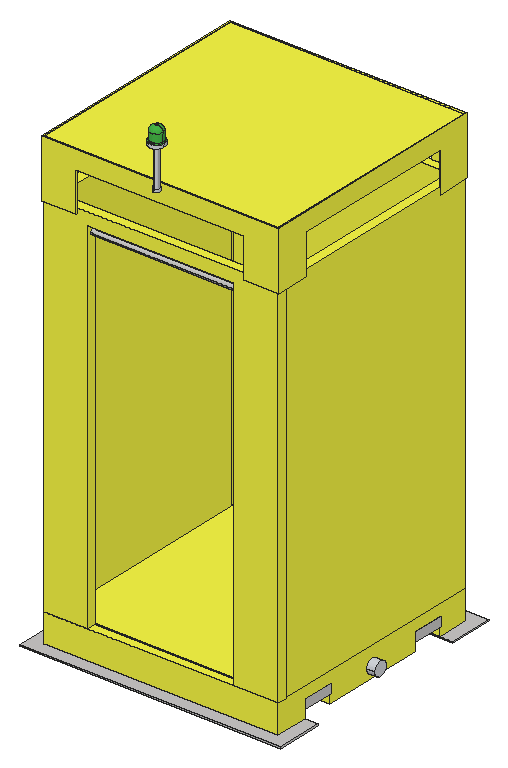
Revit family "Enclosed_Safety_Shower-Bradley_Corp-S19372", category Plumbing Fixtures, Revit 2018
Family settings
  Round Connector Dimension = Use Radius
  Part Type = Normal
  Work Plane-Based = No
  Always vertical = Yes
  Cut with Voids When Loaded = No
  Shared = No
  Room Calculation Point = No
Parameters (values of type "S19372")
  Width = 57.25"
  Wattage = 0 W
  Waste Water Connection Radius = Waste Water Connection Diameter / 2  # 1 1/2"
  Waste Water Connection Diameter = 3"
  Warranty Information = "n/a"
  Voltage = 120 V
  Version = "1.0"
  URL = "http://www.bradleycorp.com/"
  Type Comments = "S19372"
  Technical Data = "n/a"
  T.O. Wall Panel = 80.94141"
  Power Factor = 0
  Percentage of Recycled Content = 0
  OmniClass Title = "Emergency Showers"
  OmniClass Code = "23-29 37 15"
  Number of Poles = 1
  Modeling Code = "n/a"
  Model = "S19372"
  Material Note = "n/a"
  Material = ""
  MasterFormat Title = "Emergency Showers"
  MasterFormat Number = "22 45 13"
  Manufacturer = "Bradley Corporation"
  Low Emitting Material = yes
  Low Emitting Finish = yes
  Length = 57.25"
  LEED Credit = ""
  Installation Type = "Floor Mounted"
  Industry Standards = "n/a"
  Height = 109.00"
  Frequency = 0 Hz
  Floor to T.O. Roof Panel = 99.75"
  Fire Rating = "n/a"
  Drain Location - Right = yes
  Drain Location - Left = no
  Drain Location - Center = no
  Description = "Enclosed Indoor Shower with Electric Tankless Water Heater"
  Depth = 0.00"
  Copyright = "This Model Data is Property of Bradley Corporation"
  Complies to NAFTA = "n/a"
  Cold Water Connection Radius = Cold Water Connection Diameter / 2  # 5/8"
  Cold Water Connection Diameter = 1 1/4"
  Buy American Act = "To Be Determined"
  B.O. Roof Panel = 82.25"
  Assembly Code = "D2010700"
  Apparent Load = 0 VA
  ADA Compliant = "No"
Reference planes (in)
  plane 1 "Center (Front/Back)": y = -32.75
  plane 2 "Floor Level": z = 0
  plane 3 "Center (Left/Right)": x = 8.125
  plane 4 "Back": y = -7.25
  plane 5 "Front Face of Cabinet": y = -58.25
  plane 6 "Front Floor Plate": y = -61.25
  plane 7 "Back Floor Plate": y = -4.25
  plane 8 "Left Floor Plate": x = -20.375
  plane 9 "Right Floor Plate": x = 36.625
  plane 10 "Left Face Of Cabinet": x = -17.5
  plane 11 "Right Face Of Cabinet": x = 33.75
  plane 12 "Right Header": x = 34.05
  plane 13 "Left Header": x = -17.8
  plane 14 "Floor Deck": z = 6.5
  plane 15 "Left Palette": y = -48.75
  plane 16 "B.O. Bottom Hinge": z = 13
  plane 17: z = 75.25
  plane 18 "Left Door Jamb": x = -7.875
  plane 19 "Right Door Jamb": x = 24.125
  plane 20: y = -23.5
  plane 21: x = 11.375
  plane 22: z = 42.5
  plane 23: z = 56
  plane 24: x = -13
  plane 25: y = -57
  plane 26: x = 0.52044
  plane 27 "B.O. Elec Panel": z = 52.04576
  plane 28: y = -32.75
  plane 29 "C.O. Shower Rod-Wall": y = -57.25
  plane 30: y = -35
  plane 31: z = 2.75
  plane 32: y = -21.26172
  plane 33 "Roof Front": y = -58.55
  plane 34 "Roof-Back": y = -6.95
  plane 35 "T.O. Roof": z = 99.75
  plane 36 "T.O. Wall Panel": z = 88.25
  plane 37 "B.O. Roof Panel": z = 90.88
  plane 38 "C.O. Shower Rod": z = 83.94141
  plane 39 "Center L/S": y = -7.25
  plane 40 "Center L/T": y = -51
  plane 41 "Center L/U": y = -14.125
  plane 42 "Center L/V": y = -44.125
  plane 43 "Center L/W": y = -21
  plane 44 "T.O. Vent": z = 95.75
  plane 45: z = 111.375
  plane 46 "Center L/X": z = 87
  plane 47: y = -59.45
  plane 48: z = 76
Forms (in)
  Extrusion 1, solid, material "Plastic - Bradley Corp - Safety Yellow"
    sketch origin (0, 0, 0) x (1, 0, 0) y (0, 1, 0)
      loop
        line (-17.5, -58.25) -> (33.75, -58.25) -> (33.75, -7.25) -> (-17.5, -7.25) -> (-17.5, -58.25)
    from 0.25 to 6.5
  Extrusion 2, solid, material "Plastic - Bradley Corp - Safety Yellow"
    sketch origin (0, 0, 6.5) x (-1, 0, 0) y (0, -1, 0)
      loop
        line (17.5, 7.25) -> (17.5, 56.25) -> (15.5, 56.25) -> (15.5, 9) -> (-31.75, 9) -> (-31.75, 56.25) -> (-33.75, 56.25) -> (-33.75, 7.25) -> (17.5, 7.25)
    from 0 to 81.75
  Extrusion 3, void
    sketch origin (33.75, 32.25, 0) x (0, 1, 0) y (0, 0, 1)
      loop
        line (-53.25, 0.25) -> (-46.375, 0.25) -> (-46.375, 2.25) -> (-53.25, 2.25) -> (-53.25, 0.25)
    from -51.25 to 0
  Extrusion 4, solid, material "Metal - Bradley Corp - Stainless Steel-Satin", detail levels fine
    sketch origin (33.75, 30.25, 0) x (0, 1, 0) y (0, 0, 1)
      loop
        line (-51.25, 2.25) -> (-44.375, 2.25) -> (-44.375, 4.25) -> (-51.25, 4.25) -> (-51.25, 2.25)
    from 0 to 0.25
  Extrusion 5, solid, not visible
    sketch origin (-4.06128, -4.66367, 52.04576) x (1, 0, 0) y (0, 1, 0)
      loop
        circle (0.52044, 0.41367) r 0.5
    from 0 to -0.5
  Extrusion 6, solid, material "Plastic - Bradley Corp - Safety Yellow", detail levels medium+fine
    sketch origin (-7.625, 73.75, 6) x (-1, 0, 0) y (0, -1, 0)
      loop
        line (9.875, 81) -> (9.875, 83) -> (7.875, 83) -> (7.875, 81) -> (9.875, 81)
    from 0.5 to 82.25 <- "B.O. Roof Panel"
  Extrusion 7, solid, material "Metal - Bradley Corp - Stainless Steel-Satin"
    sketch origin (16.25, 25.25, 0) x (-1, 0, 0) y (0, -1, 0)
      loop
        line (-20.375, 86.5) -> (-20.375, 76.25) -> (36.625, 76.25) -> (36.625, 86.5) -> (-20.375, 86.5)
    from 0 to 0.25
  Extrusion 8, solid, visible <- "Drain Location - Right"
    sketch origin (33.75, 24.25, 0) x (0, 1, 0) y (0, 0, 1)
      loop
        circle (-57, 2.75) r 1.5
    from 0 to 2
  Extrusion 9, solid, visible <- "Drain Location - Left"
    sketch origin (-17.5, 24.25, 0) x (0, 1, 0) y (0, 0, -1)
      loop
        circle (-57, -2.75) r 1.5
    from 0 to 2
  Extrusion 10, solid, visible <- "Drain Location - Center"
    sketch origin (0, 24.25, 0) x (1, 0, 0) y (0, 1, 0)
      loop
        circle (8.125, -57) r 1.5
    from 0 to 3
  Extrusion 11, solid, material "Metal - Bradley Corp - Stainless Steel-Satin"
    sketch origin (16.25, -90.01172, 0) x (-1, 0, 0) y (0, -1, 0)
      loop
        line (-20.375, -85.76172) -> (36.625, -85.76172) -> (36.625, -75.88672) -> (-20.375, -75.88672) -> (-20.375, -85.76172)
    from 0 to 0.25
  Extrusion 12, solid, material "Metal - Bradley Corp - Stainless Steel-Satin"
    sketch origin (33.75, -58.25, 6.5) x (0, 1, 0) y (0, 0, 1)
      loop
        circle (1, 77.44141) r 0.5
    from -9.625 to -41.625
  Extrusion 13, solid, material "Plastic - Bradley Corp - Safety Yellow Grille"
    sketch origin (-1, -48.23828, 6.5) x (-1, 0, 0) y (0, -1, 0)
      loop
        line (14.5, -38.98828) -> (14.5, 8.01172) -> (-32.75, 8.01172) -> (-32.75, -38.98828) -> (14.5, -38.98828)
    from 0.05 to -2
  Extrusion 14, void
    sketch origin (33.75, 6.51172, 0) x (0, 1, 0) y (0, 0, 1)
      loop
        line (-57.51172, 0.25) -> (-50.63672, 0.25) -> (-50.63672, 2.25) -> (-57.51172, 2.25) -> (-57.51172, 0.25)
    from -51.25 to 0
  Extrusion 15, solid, material "Metal - Bradley Corp - Stainless Steel-Satin", detail levels fine
    sketch origin (33.75, 4.51172, 0) x (0, 1, 0) y (0, 0, 1)
      loop
        line (-55.51172, 2.25) -> (-48.63672, 2.25) -> (-48.63672, 4.25) -> (-55.51172, 4.25) -> (-55.51172, 2.25)
    from 0 to 0.25
  Extrusion 16, solid, material "Plastic - Bradley Corp - Safety Yellow"
    sketch origin (0, 0, 99.75) x (0, -1, 0) y (1, 0, 0)
      loop
        line (6.95, -17.8) -> (58.55, -17.8) -> (58.55, 34.05) -> (6.95, 34.05) -> (6.95, -17.8)
      loop
        line (58.25, 33.75) -> (7.25, 33.75) -> (7.25, -17.5) -> (58.25, -17.5) -> (58.25, 33.75)
    from 0 to -12.75
  Extrusion 17, solid, material "Plastic - Bradley Corp - Safety Yellow"
    sketch origin (0, 0, 99.75) x (0, -1, 0) y (1, 0, 0)
      loop
        line (7.25, -17.5) -> (58.25, -17.5) -> (58.25, 33.75) -> (7.25, 33.75) -> (7.25, -17.5)
    from 0 to -1
  Extrusion 18, void
    sketch origin (34.05, 0, 0) x (0, 0, 1) y (0, -1, 0)
      loop
        line (95.75, 51) -> (87, 51) -> (87, 14.125) -> (95.75, 14.125) -> (95.75, 51)
    from 0 to -0.3
  Extrusion 19, void
    sketch origin (-17.8, 0, 0) x (0, 0, 1) y (0, 1, 0)
      loop
        line (95.75, -51) -> (95.75, -14.125) -> (87, -14.125) -> (87, -51) -> (95.75, -51)
    from 0 to -0.3
  Extrusion 20, void
    sketch origin (-24.5, -58.55, 0) x (0, 0, 1) y (-1, 0, 0)
      loop
        line (95.75, -51) -> (95.75, -14.125) -> (87, -14.125) -> (87, -51) -> (95.75, -51)
    from 0 to -0.3
  Extrusion 21, void
    sketch origin (40.625, -6.95, 0) x (0, 0, 1) y (1, 0, 0)
      loop
        line (95.75, -51) -> (95.75, -14.125) -> (87, -14.125) -> (87, -51) -> (95.75, -51)
    from 0 to -0.3
  Extrusion 22, solid, material "Plastic - Bradley Corp - Safety Yellow"
    sketch origin (0, -58.25, 0) x (1, 0, 0) y (0, 0, 1)
      loop
        line (-17.5, 88.25) -> (-17.5, 6.5) -> (-7.875, 6.5) -> (-7.875, 85.5) -> (24.125, 85.5) -> (24.125, 6.5) -> (33.75, 6.5) -> (33.75, 88.25) -> (-17.5, 88.25)
    from 0 to -2
  Revolve 23, solid
    sketch origin (8.125, 0, 0) x (0, 1, 0) y (0, 0, 1)
      loop
        line (-59, 107.645) -> (-59.45, 107.645) -> (-59.45, 98.645) -> (-58.7, 98.645) -> (-58.7, 99.145) -> (-59, 99.145) -> (-59, 107.645)
      axis (-59.45, 107.645) -> (-59.45, 98.645)
    angle from 0 to 360
  Extrusion 24, solid, material "Metal - Bradley Corp - Grey - Painted"
    sketch origin (0, 0, 0) x (1, 0, 0) y (0, 1, 0)
      loop
        line (-10.8, -6.95) -> (9.2, -6.95) -> (9.2, 0.05) -> (-10.8, 0.05) -> (-10.8, -6.95)
    from 76 to 56
Cuts and joins
  Extrusion 3, Extrusion 14 cuts Extrusion 1
  Extrusion 19, Extrusion 20, Extrusion 21 cuts Extrusion 2
  Extrusion 18, Extrusion 19, Extrusion 20, Extrusion 21 cuts Extrusion 16
Lines and regions (in)
  symbolic lines, style "Clearance"
    curve 1: line (-44.375, -58.25, 135.37) -> (-44.375, -58.25, 0)
    curve 2: line (60.625, -58.25, 0) -> (60.625, -58.25, 135.37)
    curve 3: line (60.625, -58.25, 135.37) -> (-44.375, -58.25, 135.37)
  model lines, style "ESS-Logos", detail levels medium+fine
    curve 4: line (33.75, -37.37485, 61.63727) -> (33.75, -44.5, 61.63727)
    curve 5: line (33.75, -37.37485, 61.63727) -> (33.75, -44.5, 61.63727)
    curve 6: line (30.67826, -7.25, 77.7071) -> (9.43399, -7.25, 77.7071)
    curve 7: line (30.67826, -7.25, 61.70833) -> (30.67826, -7.25, 77.7071)
    curve 8: line (9.43399, -7.25, 61.70833) -> (30.67826, -7.25, 61.70833)
    curve 9: line (9.43399, -7.25, 77.7071) -> (9.43399, -7.25, 61.70833)
    curve 12: line (33.75, -31.62213, 54.55514) -> (33.75, -10.37787, 54.55514)
    curve 13: line (33.75, -31.62213, 70.55391) -> (33.75, -31.62213, 54.55514)
    curve 14: line (33.75, -10.37787, 70.55391) -> (33.75, -31.62213, 70.55391)
    curve 15: line (33.75, -10.37787, 54.55514) -> (33.75, -10.37787, 70.55391)
    curve 16: line (33.75, -37.37485, 63.6322) -> (33.75, -37.37485, 61.63727)
    curve 17: line (33.75, -44.5, 63.6322) -> (33.75, -37.37485, 63.6322)
    curve 18: line (33.75, -41.68943, 66.44295) -> (33.75, -44.5, 63.6322)
    curve 19: line (33.75, -44.53011, 66.44295) -> (33.75, -41.68943, 66.44295)
    curve 20: line (33.75, -48.33824, 62.63482) -> (33.75, -44.53011, 66.44295)
    curve 21: line (33.75, -44.53011, 58.82652) -> (33.75, -48.33824, 62.63482)
    curve 22: line (33.75, -41.68943, 58.82652) -> (33.75, -44.53011, 58.82652)
    curve 23: line (33.75, -44.5, 61.63727) -> (33.75, -41.68943, 58.82652)
    curve 24: line (-17.5, -37.37485, 61.63727) -> (-17.5, -44.5, 61.63727)
    curve 25: line (-17.5, -37.37485, 61.63727) -> (-17.5, -44.5, 61.63727)
    curve 26: line (-17.5, -31.62213, 54.55514) -> (-17.5, -10.37787, 54.55514)
    curve 27: line (-17.5, -31.62213, 70.55391) -> (-17.5, -31.62213, 54.55514)
    curve 28: line (-17.5, -10.37787, 70.55391) -> (-17.5, -31.62213, 70.55391)
    curve 29: line (-17.5, -10.37787, 54.55514) -> (-17.5, -10.37787, 70.55391)
    curve 30: line (-17.5, -37.37485, 63.6322) -> (-17.5, -37.37485, 61.63727)
    curve 31: line (-17.5, -44.5, 63.6322) -> (-17.5, -37.37485, 63.6322)
    curve 32: line (-17.5, -41.68943, 66.44295) -> (-17.5, -44.5, 63.6322)
    curve 33: line (-17.5, -44.53011, 66.44295) -> (-17.5, -41.68943, 66.44295)
    curve 34: line (-17.5, -48.33824, 62.63482) -> (-17.5, -44.53011, 66.44295)
    curve 35: line (-17.5, -44.53011, 58.82652) -> (-17.5, -48.33824, 62.63482)
    curve 36: line (-17.5, -41.68943, 58.82652) -> (-17.5, -44.53011, 58.82652)
    curve 37: line (-17.5, -44.5, 61.63727) -> (-17.5, -41.68943, 58.82652)
  model lines, style "ESS-Logos", detail levels fine
    curve 10: line (33.75, -32.75, 88.25) -> (33.75, -32.75, 6.5)
    curve 11: line (-17.5, -32.75, 88.25) -> (-17.5, -32.75, 6.5)
    curve 38: line (33.75, -49.61017, 77.55299) -> (33.75, -46.37446, 77.55299)
    curve 39: line (33.75, -46.37446, 77.55299) -> (33.75, -44.3792, 79.38334)
    curve 40: arc (33.75, -44.3792, 79.38334) -> (33.75, -44.65891, 80.21326) -> (33.75, -45.38002, 80.71024) r 1.38726
    curve 41: arc (33.75, -45.38002, 80.71024) -> (33.75, -44.84746, 81.15925) -> (33.75, -44.66473, 81.83144) r 1.16936
    curve 42: line (33.75, -44.66473, 81.83144) -> (33.75, -46.48634, 83.25741)
    curve 43: line (33.75, -46.48634, 83.25741) -> (33.75, -49.61017, 83.25741)
    curve 44: line (33.75, -49.61017, 83.25741) -> (33.75, -49.61017, 77.55299)
    curve 45: line (33.75, -46.82189, 78.9112) -> (33.75, -47.85251, 78.9112)
    curve 46: line (33.75, -47.85251, 78.9112) -> (33.75, -47.85251, 79.97377)
    curve 47: line (33.75, -47.85251, 79.97377) -> (33.75, -46.74997, 79.97377)
    curve 48: line (33.75, -46.74997, 79.97377) -> (33.75, -46.13478, 79.45448)
    curve 49: line (33.75, -46.13478, 79.45448) -> (33.75, -46.82189, 78.9112)
    curve 50: line (33.75, -46.92575, 81.03635) -> (33.75, -47.85251, 81.03635)
    curve 51: line (33.75, -47.85251, 81.03635) -> (33.75, -47.85251, 81.8992)
    curve 52: line (33.75, -47.85251, 81.8992) -> (33.75, -46.92575, 81.8992)
    curve 53: line (33.75, -46.92575, 81.8992) -> (33.75, -46.32653, 81.50772)
    curve 54: line (33.75, -46.32653, 81.50772) -> (33.75, -46.92575, 81.03635)
    curve 55: line (33.75, -42.81165, 81.02582) -> (33.75, -42.81165, 81.69948)
    curve 56: line (33.75, -42.81165, 81.69948) -> (33.75, -44.32962, 81.69948)
    curve 57: line (33.75, -44.32962, 81.69948) -> (33.75, -44.32962, 77.55299)
    curve 58: line (33.75, -44.32962, 77.55299) -> (33.75, -42.74775, 77.55299)
    curve 59: line (33.75, -42.74775, 77.55299) -> (33.75, -42.74775, 79.1908)
    curve 60: line (33.75, -42.74775, 79.1908) -> (33.75, -41.789, 80.44514)
    curve 61: line (33.75, -41.789, 80.44514) -> (33.75, -41.16583, 80.44018)
    curve 62: line (33.75, -41.16583, 80.44018) -> (33.75, -41.16583, 81.73945)
    curve 63: arc (33.75, -41.16583, 81.73945) -> (33.75, -41.39672, 81.78667) -> (33.75, -41.63179, 81.80334) r 1.80168
    curve 64: line (33.75, -41.63179, 81.80334) -> (33.75, -42.81165, 81.02582)
    curve 65: arc (33.75, -38.9533, 77.95041) -> (33.75, -38.94366, 77.74913) -> (33.75, -38.89742, 77.55299) r 1.09866
    curve 66: line (33.75, -38.89742, 77.55299) -> (33.75, -37.28353, 77.55299)
    curve 67: line (33.75, -37.28353, 77.55299) -> (33.75, -37.47525, 78.47979)
    curve 68: line (33.75, -37.47525, 78.47979) -> (33.75, -37.47525, 80.18151)
    curve 69: line (33.75, -37.47525, 80.18151) -> (33.75, -39.44067, 81.80334)
    curve 70: line (33.75, -39.44067, 81.80334) -> (33.75, -41.5738, 80.44514)
    curve 71: line (33.75, -41.5738, 80.44514) -> (33.75, -40.10376, 80.44514)
    curve 72: line (33.75, -40.10376, 80.44514) -> (33.75, -39.51255, 80.86858)
    curve 73: line (33.75, -39.51255, 80.86858) -> (33.75, -38.99325, 80.4851)
    curve 74: line (33.75, -38.99325, 80.4851) -> (33.75, -39.42466, 80.1176)
    curve 75: line (33.75, -39.42466, 80.1176) -> (33.75, -41.76556, 78.70346)
    curve 76: line (33.75, -41.76556, 78.70346) -> (33.75, -40.30353, 77.44909)
    curve 77: line (33.75, -40.30353, 77.44909) -> (33.75, -38.9533, 77.95041)
    curve 78: arc (33.75, -39.61533, 79.21612) -> (33.75, -39.29882, 79.29591) -> (33.75, -38.99439, 79.41369) r 2.67195
    curve 79: line (33.75, -38.99439, 79.41369) -> (33.75, -38.99439, 79.03122)
    curve 80: arc (33.75, -38.99439, 79.03122) -> (33.75, -39.17175, 78.57316) -> (33.75, -39.62491, 78.38363) r 0.6268
    curve 81: line (33.75, -39.62491, 78.38363) -> (33.75, -40.15169, 78.76737)
    curve 82: line (33.75, -40.15169, 78.76737) -> (33.75, -39.61533, 79.21612)
    curve 83: arc (33.75, -34.52833, 81.22605) -> (33.75, -35.03198, 81.65915) -> (33.75, -35.68099, 81.80067) r 1.35429
    curve 84: line (33.75, -35.68099, 81.80067) -> (33.75, -37.44442, 79.64627)
    curve 85: line (33.75, -37.44442, 79.64627) -> (33.75, -35.70275, 77.44909)
    curve 86: line (33.75, -35.70275, 77.44909) -> (33.75, -34.47239, 78.01582)
    curve 87: line (33.75, -35.16747, 78.59963) -> (33.75, -35.86255, 79.63026)
    curve 88: line (33.75, -35.86255, 79.63026) -> (33.75, -35.16747, 80.65287)
    curve 89: line (33.75, -35.16747, 80.65287) -> (33.75, -34.47239, 79.63026)
    curve 90: line (33.75, -34.47239, 79.63026) -> (33.75, -35.16747, 78.59963)
    curve 91: line (33.75, -32.72302, 77.55299) -> (33.75, -31.14114, 77.55299)
    curve 92: line (33.75, -31.14114, 77.55299) -> (33.75, -31.14114, 83.25741)
    curve 93: line (33.75, -31.14114, 83.25741) -> (33.75, -32.72302, 83.25741)
    curve 94: line (33.75, -32.72302, 83.25741) -> (33.75, -32.72302, 77.55299)
    curve 95: line (33.75, -31.14114, 79.61381) -> (33.75, -28.81669, 77.44909)
    curve 96: line (33.75, -28.81669, 77.44909) -> (33.75, -26.68357, 78.7594)
    curve 97: line (33.75, -26.68357, 78.7594) -> (33.75, -28.15621, 78.7594)
    curve 98: arc (33.75, -28.15621, 78.7594) -> (33.75, -28.41788, 78.5489) -> (33.75, -28.7434, 78.46634) r 0.78875
    curve 99: line (33.75, -28.7434, 78.46634) -> (33.75, -29.63161, 79.27073)
    curve 100: line (33.75, -29.63161, 79.27073) -> (33.75, -26.59567, 79.27073)
    curve 101: line (33.75, -26.59567, 79.27073) -> (33.75, -28.94972, 81.8003)
    curve 102: arc (33.75, -28.94972, 81.8003) -> (33.75, -30.51761, 81.17853) -> (33.75, -31.13653, 79.60951) r 2.12174
    curve 103: line (33.75, -28.11457, 80.09362) -> (33.75, -29.62028, 80.09362)
    curve 104: arc (33.75, -29.62028, 80.09362) -> (33.75, -29.36871, 80.60173) -> (33.75, -28.83294, 80.78724) r 0.7477
    curve 105: arc (33.75, -28.83294, 80.78724) -> (33.75, -28.32205, 80.59755) -> (33.75, -28.11457, 80.09362) r 0.6799
    curve 106: line (33.75, -24.74303, 79.29004) -> (33.75, -25.41403, 81.69948)
    curve 107: line (33.75, -25.41403, 81.69948) -> (33.75, -27.10786, 81.69948)
    curve 108: line (33.75, -27.10786, 81.69948) -> (33.75, -26.40474, 79.79002)
    curve 109: line (33.75, -26.40474, 79.79002) -> (33.75, -25.7117, 77.82453)
    curve 110: arc (33.75, -25.7117, 77.82453) -> (33.75, -25.7359, 77.64295) -> (33.75, -25.86124, 77.50935) r 0.29977
    curve 111: arc (33.75, -25.86124, 77.50935) -> (33.75, -26.07778, 77.4706) -> (33.75, -26.29776, 77.47264) r 1.18186
    curve 112: line (33.75, -26.29776, 77.47264) -> (33.75, -26.70833, 77.47264)
    curve 113: line (33.75, -26.70833, 77.47264) -> (33.75, -26.70833, 76.2108)
    curve 114: line (33.75, -26.70833, 76.2108) -> (33.75, -25.98935, 76.2108)
    curve 115: line (33.75, -25.98935, 76.2108) -> (33.75, -24.31958, 76.72205)
    curve 116: line (33.75, -24.31958, 76.72205) -> (33.75, -23.80028, 77.8726)
    curve 117: line (33.75, -23.80028, 77.8726) -> (33.75, -22.42614, 81.69948)
    curve 118: line (33.75, -22.42614, 81.69948) -> (33.75, -24.06388, 81.69948)
    curve 119: line (33.75, -24.06388, 81.69948) -> (33.75, -24.74303, 79.29004)
    curve 120: arc (33.75, -18.30388, 76.05161) -> (33.75, -15.75297, 77.10728) -> (33.75, -14.69447, 79.65702) r 3.6091
    curve 121: arc (33.75, -14.69447, 79.65702) -> (33.75, -15.75006, 82.21204) -> (33.75, -18.30388, 83.27057) r 3.60904
    curve 122: arc (33.75, -18.30388, 83.27057) -> (33.75, -20.85769, 82.21204) -> (33.75, -21.91329, 79.65702) r 3.60904
    curve 123: arc (33.75, -21.91329, 79.65702) -> (33.75, -20.85479, 77.10728) -> (33.75, -18.30388, 76.05161) r 3.6091
    curve 124: line (33.75, -34.52833, 83.25741) -> (33.75, -34.52833, 81.22605)
    curve 125: line (33.75, -34.47239, 78.01582) -> (33.75, -34.47239, 77.55299)
    curve 126: line (33.75, -34.47239, 77.55299) -> (33.75, -32.94642, 77.55299)
    curve 127: line (33.75, -32.94642, 77.55299) -> (33.75, -32.94642, 83.25741)
    curve 128: line (33.75, -34.52833, 83.25741) -> (33.75, -32.94642, 83.25741)
    curve 129: line (-17.5, -14.67375, 77.54586) -> (-17.5, -17.90946, 77.54586)
    curve 130: line (-17.5, -17.90946, 77.54586) -> (-17.5, -19.90527, 79.36575)
    curve 131: arc (-17.5, -19.90527, 79.36575) -> (-17.5, -19.62854, 80.20127) -> (-17.5, -18.90536, 80.70295) r 1.38963
    curve 132: arc (-17.5, -18.90536, 80.70295) -> (-17.5, -19.43896, 81.15628) -> (-17.5, -19.61918, 81.83285) r 1.17285
    curve 133: line (-17.5, -19.61918, 81.83285) -> (-17.5, -17.79758, 83.25028)
    curve 134: line (-17.5, -17.79758, 83.25028) -> (-17.5, -14.67375, 83.25028)
    curve 135: line (-17.5, -14.67375, 83.25028) -> (-17.5, -14.67375, 77.54586)
    curve 136: line (-17.5, -17.46204, 78.90407) -> (-17.5, -16.43141, 78.90407)
    curve 137: line (-17.5, -16.43141, 78.90407) -> (-17.5, -16.43141, 79.96665)
    curve 138: line (-17.5, -16.43141, 79.96665) -> (-17.5, -17.53395, 79.96665)
    curve 139: line (-17.5, -17.53395, 79.96665) -> (-17.5, -18.14914, 79.44735)
    curve 140: line (-17.5, -18.14914, 79.44735) -> (-17.5, -17.46204, 78.90407)
    curve 141: line (-17.5, -17.35817, 81.02922) -> (-17.5, -16.43141, 81.02922)
    curve 142: line (-17.5, -16.43141, 81.02922) -> (-17.5, -16.43141, 81.89208)
    curve 143: line (-17.5, -16.43141, 81.89208) -> (-17.5, -17.35817, 81.89208)
    curve 144: line (-17.5, -17.35817, 81.89208) -> (-17.5, -17.95739, 81.50059)
    curve 145: line (-17.5, -17.95739, 81.50059) -> (-17.5, -17.35817, 81.02922)
    curve 146: line (-17.5, -21.47227, 81.01872) -> (-17.5, -21.47227, 81.69235)
    curve 147: line (-17.5, -21.47227, 81.69235) -> (-17.5, -19.9543, 81.69235)
    curve 148: line (-17.5, -19.9543, 81.69235) -> (-17.5, -19.9543, 77.54586)
    curve 149: line (-17.5, -19.9543, 77.54586) -> (-17.5, -21.53618, 77.54586)
    curve 150: line (-17.5, -21.53618, 77.54586) -> (-17.5, -21.53618, 79.18368)
    curve 151: line (-17.5, -21.53618, 79.18368) -> (-17.5, -22.49493, 80.43801)
    curve 152: line (-17.5, -22.49493, 80.43801) -> (-17.5, -23.11809, 80.43305)
    curve 153: line (-17.5, -23.11809, 80.43305) -> (-17.5, -23.11809, 81.73231)
    curve 154: arc (-17.5, -23.11809, 81.73231) -> (-17.5, -22.88847, 81.77937) -> (-17.5, -22.65469, 81.79622) r 1.80086
    curve 155: line (-17.5, -22.65469, 81.79622) -> (-17.5, -21.47227, 81.01872)
    curve 156: arc (-17.5, -25.33075, 77.94333) -> (-17.5, -25.34023, 77.74201) -> (-17.5, -25.38655, 77.54586) r 1.09144
    curve 157: line (-17.5, -25.38655, 77.54586) -> (-17.5, -26.99592, 77.54586)
    curve 158: arc (-17.5, -26.99592, 77.54586) -> (-17.5, -26.84418, 77.95932) -> (-17.5, -26.80868, 78.39831) r 1.63002
    curve 159: line (-17.5, -26.80868, 78.39831) -> (-17.5, -26.80868, 80.17438)
    curve 160: line (-17.5, -26.80868, 80.17438) -> (-17.5, -24.84325, 81.79622)
    curve 161: line (-17.5, -24.84325, 81.79622) -> (-17.5, -22.71012, 80.43801)
    curve 162: line (-17.5, -22.71012, 80.43801) -> (-17.5, -24.18016, 80.43801)
    curve 163: line (-17.5, -24.18016, 80.43801) -> (-17.5, -24.77137, 80.86145)
    curve 164: line (-17.5, -24.77137, 80.86145) -> (-17.5, -25.29067, 80.47797)
    curve 165: line (-17.5, -25.29067, 80.47797) -> (-17.5, -24.85926, 80.11047)
    curve 166: line (-17.5, -24.85926, 80.11047) -> (-17.5, -22.51836, 78.69633)
    curve 167: line (-17.5, -22.51836, 78.69633) -> (-17.5, -23.98039, 77.44196)
    curve 168: line (-17.5, -23.98039, 77.44196) -> (-17.5, -25.33075, 77.94333)
    curve 169: line (-17.5, -24.12716, 78.75586) -> (-17.5, -24.66818, 79.20854)
    curve 170: arc (-17.5, -24.66818, 79.20854) -> (-17.5, -24.98509, 79.28865) -> (-17.5, -25.28981, 79.40694) r 2.66551
    curve 171: line (-17.5, -25.28981, 79.40694) -> (-17.5, -25.28981, 79.02402)
    curve 172: arc (-17.5, -25.28981, 79.02402) -> (-17.5, -25.09148, 78.54612) -> (-17.5, -24.60174, 78.37912) r 0.62829
    curve 173: arc (-17.5, -24.60174, 78.37912) -> (-17.5, -24.2935, 78.47812) -> (-17.5, -24.12716, 78.75586) r 0.45924
    curve 174: arc (-17.5, -29.75559, 81.2183) -> (-17.5, -29.25225, 81.6519) -> (-17.5, -28.60328, 81.79397) r 1.35435
    curve 175: line (-17.5, -28.60328, 81.79397) -> (-17.5, -26.8395, 79.63915)
    curve 176: line (-17.5, -26.8395, 79.63915) -> (-17.5, -28.58118, 77.44196)
    curve 177: line (-17.5, -28.58118, 77.44196) -> (-17.5, -29.81153, 78.00869)
    curve 178: line (-17.5, -29.11645, 78.59251) -> (-17.5, -28.42137, 79.62313)
    curve 179: line (-17.5, -28.42137, 79.62313) -> (-17.5, -29.11645, 80.64575)
    curve 180: line (-17.5, -29.11645, 80.64575) -> (-17.5, -29.81153, 79.62313)
    curve 181: line (-17.5, -29.81153, 79.62313) -> (-17.5, -29.11645, 78.59251)
    curve 182: line (-17.5, -31.5609, 77.54586) -> (-17.5, -33.14278, 77.54586)
    curve 183: line (-17.5, -33.14278, 77.54586) -> (-17.5, -33.14278, 83.25028)
    curve 184: line (-17.5, -33.14278, 83.25028) -> (-17.5, -31.5609, 83.25028)
    curve 185: line (-17.5, -31.5609, 83.25028) -> (-17.5, -31.5609, 77.54586)
    curve 186: line (-17.5, -33.14706, 79.60269) -> (-17.5, -35.46723, 77.44196)
    curve 187: line (-17.5, -35.46723, 77.44196) -> (-17.5, -37.60036, 78.75227)
    curve 188: line (-17.5, -37.60036, 78.75227) -> (-17.5, -36.12686, 78.75227)
    curve 189: arc (-17.5, -36.12686, 78.75227) -> (-17.5, -35.86357, 78.54052) -> (-17.5, -35.53576, 78.45865) r 0.78721
    curve 190: line (-17.5, -35.53576, 78.45865) -> (-17.5, -34.65231, 79.2636)
    curve 191: line (-17.5, -34.65231, 79.2636) -> (-17.5, -37.68825, 79.2636)
    curve 192: line (-17.5, -37.68825, 79.2636) -> (-17.5, -35.33392, 81.79348)
    curve 193: arc (-17.5, -35.33392, 81.79348) -> (-17.5, -33.76636, 81.17136) -> (-17.5, -33.14706, 79.60269) r 2.12284
    curve 194: line (-17.5, -36.16951, 80.08649) -> (-17.5, -34.66286, 80.08649)
    curve 195: arc (-17.5, -34.66286, 80.08649) -> (-17.5, -34.91723, 80.59616) -> (-17.5, -35.45619, 80.78056) r 0.75077
    curve 196: arc (-17.5, -35.45619, 80.78056) -> (-17.5, -35.96374, 80.5886) -> (-17.5, -36.16951, 80.08649) r 0.68044
    curve 197: line (-17.5, -39.54089, 79.28291) -> (-17.5, -38.86989, 81.69235)
    curve 198: line (-17.5, -38.86989, 81.69235) -> (-17.5, -37.17606, 81.69235)
    curve 199: line (-17.5, -37.17606, 81.69235) -> (-17.5, -37.87918, 79.7829)
    curve 200: line (-17.5, -37.87918, 79.7829) -> (-17.5, -38.56225, 77.85148)
    curve 201: arc (-17.5, -38.56225, 77.85148) -> (-17.5, -38.55362, 77.65316) -> (-17.5, -38.42304, 77.50366) r 0.29997
    curve 202: arc (-17.5, -38.42304, 77.50366) -> (-17.5, -38.20404, 77.46376) -> (-17.5, -37.98145, 77.46602) r 1.17136
    curve 203: line (-17.5, -37.98145, 77.46602) -> (-17.5, -37.57559, 77.46602)
    curve 204: line (-17.5, -37.57559, 77.46602) -> (-17.5, -37.57559, 76.20368)
    curve 205: line (-17.5, -37.57559, 76.20368) -> (-17.5, -38.29457, 76.20368)
    curve 206: line (-17.5, -38.29457, 76.20368) -> (-17.5, -39.96434, 76.71493)
    curve 207: line (-17.5, -39.96434, 76.71493) -> (-17.5, -40.48364, 77.86547)
    curve 208: line (-17.5, -40.48364, 77.86547) -> (-17.5, -41.85778, 81.69235)
    curve 209: line (-17.5, -41.85778, 81.69235) -> (-17.5, -40.22004, 81.69235)
    curve 210: line (-17.5, -40.22004, 81.69235) -> (-17.5, -39.54089, 79.28291)
    curve 211: arc (-17.5, -42.37062, 79.64981) -> (-17.5, -43.42915, 77.10011) -> (-17.5, -45.98004, 76.04448) r 3.6091
    curve 212: arc (-17.5, -45.98004, 76.04448) -> (-17.5, -48.53094, 77.10011) -> (-17.5, -49.58947, 79.64981) r 3.6091
    curve 213: arc (-17.5, -49.58947, 79.64981) -> (-17.5, -48.5339, 82.2049) -> (-17.5, -45.98004, 83.26346) r 3.60904
    curve 214: arc (-17.5, -45.98004, 83.26346) -> (-17.5, -43.42619, 82.2049) -> (-17.5, -42.37062, 79.64981) r 3.60904
    curve 215: line (-17.5, -29.81153, 77.54586) -> (-17.5, -31.3375, 77.54586)
    curve 216: line (-17.5, -29.81153, 78.00869) -> (-17.5, -29.81153, 77.54586)
    curve 217: line (-17.5, -31.3375, 77.54586) -> (-17.5, -31.3375, 83.25028)
    curve 218: line (-17.5, -31.3375, 83.25028) -> (-17.5, -29.75559, 83.25028)
    curve 219: line (-17.5, -29.75559, 83.25028) -> (-17.5, -29.75559, 81.2183)
Text (in)
  text "Front" at (8.71213, -103.47821, 0), in view "Ref. Level"
  text "Back" at (9.71213, 84.52179, 0), in view "Ref. Level"
  text "Outsided Face to Face of Cabinet" at (7.94799, -91.87809, 0), in view "Ref. Level"
  text "Forklift Slots in Base" at (48.10862, -32.06194, 0), in view "Ref. Level"
  text "Forklift Slots in Base" at (-29.85862, -32.06194, 0), in view "Ref. Level"
  text "Center" at (4.68325, 0, 120.7111), in view "Front"
Dimensions and locks (in)
  plane 6 "Front Floor Plate" to plane 5 "Front Face of Cabinet" = 3.00"
  plane 6 "Front Floor Plate" to plane 7 "Back Floor Plate" = 57.00"
  plane 14 "Floor Deck" to level = 6.50"
  "Floor to T.O. Roof Panel": plane 35 "T.O. Roof" to level
  plane 5 "Front Face of Cabinet" to plane 4 "Back" = 51.00"  (x2)
  plane 5 "Front Face of Cabinet" to plane 39 "Center L/S" = 51.00"
  locked: plane 6 "Front Floor Plate" to plane 7 "Back Floor Plate" at 57
  locked: plane 8 "Left Floor Plate" to plane 9 "Right Floor Plate" at 57
  plane 5 "Front Face of Cabinet" to plane 40 "Center L/T" = 7.25"
  plane 42 "Center L/V" to plane 41 "Center L/U" to plane 4 "Back" = 30.00", 6.875"
  locked: plane 40 "Center L/T" to plane 42 "Center L/V" at 6.875
  locked: plane 43 "Center L/W" to plane 41 "Center L/U" at 6.875
  plane 19 "Right Door Jamb" to plane 3 "Center (Left/Right)" to plane 18 "Left Door Jamb" = 16.00" locked, 16.00" locked
  plane 35 "T.O. Roof" to plane 44 "T.O. Vent" = 4.00"
  locked: plane 36 "T.O. Wall Panel" to level at 88.25
  locked: plane 45 to level at 111.375
  plane 35 "T.O. Roof" to plane 37 "B.O. Roof Panel" = 8.87"
  plane 35 "T.O. Roof" to plane 36 "T.O. Wall Panel" = 11.50"
  locked: plane 35 "T.O. Roof" to plane 46 "Center L/X" at 12.75
  aligned and locked: plane 10 "Left Face Of Cabinet" to Extrusion 1 sketch curve
  aligned and locked: plane 11 "Right Face Of Cabinet" to Extrusion 1 sketch curve
  aligned and locked: plane 14 "Floor Deck" to Extrusion 1
  aligned and locked: Extrusion 1 to plane 10 "Left Face Of Cabinet"
  aligned and locked: plane 11 "Right Face Of Cabinet" to Extrusion 1
  aligned and locked: plane 11 "Right Face Of Cabinet" to Extrusion 2 sketch curve
  aligned and locked: Extrusion 4 to cut or joined group of Extrusion 1, Extrusion 3, Extrusion 14
  aligned and locked: cut or joined group of Extrusion 1, Extrusion 3, Extrusion 14 to Extrusion 4
  aligned and locked: plane 6 "Front Floor Plate" to Extrusion 7
  aligned and locked: plane 38 "C.O. Shower Rod" to Extrusion 12 sketch curve
  aligned and locked: plane 29 "C.O. Shower Rod-Wall" to Extrusion 12 sketch curve
  aligned and locked: plane 4 "Back" to cut or joined group of Extrusion 2, Extrusion 19, Extrusion 20, Extrusion 21
  aligned and locked: Extrusion 2 sketch curve to plane 4 "Back"
  aligned and locked: Extrusion 15 to plane 42 "Center L/V"
  aligned and locked: cut or joined group of Extrusion 1, Extrusion 3, Extrusion 14 to plane 41 "Center L/U"
  aligned and locked: plane 43 "Center L/W" to cut or joined group of Extrusion 1, Extrusion 3, Extrusion 14
  aligned and locked: Extrusion 1 sketch curve to plane 39 "Center L/S"
  aligned and locked: Extrusion 11 sketch curve to plane 7 "Back Floor Plate"
  aligned and locked: plane 9 "Right Floor Plate" to Extrusion 11 sketch curve
  aligned and locked: Extrusion 7 to plane 8 "Left Floor Plate"
  aligned and locked: Extrusion 11 to plane 8 "Left Floor Plate"
  aligned and locked: Extrusion 7 to plane 40 "Center L/T"
  aligned and locked: plane 41 "Center L/U" to Extrusion 11
  aligned and locked: plane 36 "T.O. Wall Panel" to cut or joined group of Extrusion 2, Extrusion 19, Extrusion 20, Extrusion 21
  aligned and locked: Extrusion 16 to plane 46 "Center L/X"
  aligned and locked: Extrusion 18 to plane 46 "Center L/X"
  aligned and locked: Extrusion 6 to plane 14 "Floor Deck"
  aligned and locked: Extrusion 13 to Extrusion 2 sketch curve
  aligned and locked: Extrusion 24 to plane 23
  aligned and locked: plane 48 to Extrusion 24
Automatic sketch dimensions
  plane 5 "Front Face of Cabinet" to Extrusion 1 sketch curve = 0.00"
  Extrusion 3 sketch curve to plane 43 "Center L/W" = 0.00"
  Extrusion 3 sketch curve to plane 41 "Center L/U" = 0.00"
  level to Extrusion 3 sketch curve = 0.25"
  plane 31 to Extrusion 3 sketch curve = 0.50"
  Extrusion 4 sketch curve to plane 43 "Center L/W" = 0.00"
  Extrusion 4 sketch curve to plane 41 "Center L/U" = 0.00"
  plane 31 to Extrusion 4 sketch curve = 0.50"
  Extrusion 4 sketch curve to plane 31 = 1.50"
  curve 1 to level = 0.00"
  curve 2 to level = 0.00"
  curve 3 to plane 8 "Left Floor Plate" = 24.00"
  plane 9 "Right Floor Plate" to curve 3 = 24.00"
  plane 45 to curve 2 = 23.995"
  plane 15 "Left Palette" to curve 44 = 0.86017"
  curve 20 to plane 15 "Left Palette" = 0.41176"
  curve 51 to plane 15 "Left Palette" = 0.89749"
  curve 47 to plane 15 "Left Palette" = 0.89749"
  curve 50 to curve 50 = 0.92676"
  curve 52 to curve 50 = 0.00"
  curve 45 to curve 49 = 1.03063"
  curve 45 to curve 48 = 0.07191"
  plane 38 "C.O. Shower Rod" to curve 43 = 0.684"
  curve 52 to curve 43 = 0.43941"
  curve 45 to curve 38 = 0.44742"
  curve 52 to curve 53 = 0.59922"
  curve 47 to curve 48 = 0.6152"
  curve 53 to curve 41 = 0.49325"
  curve 48 to curve 40 = 0.36833"
  plane 42 "Center L/V" to curve 42 = 0.53973"
  plane 42 "Center L/V" to curve 22 = 0.40511"
  plane 42 "Center L/V" to curve 19 = 0.40511"
  plane 42 "Center L/V" to curve 23 = 0.375"
  plane 42 "Center L/V" to curve 17 = 0.375"
  plane 42 "Center L/V" to curve 39 = 0.2542"
  plane 42 "Center L/V" to curve 57 = 0.20462"
  curve 55 to plane 42 "Center L/V" = 1.31335"
  curve 59 to plane 42 "Center L/V" = 1.37725"
  curve 55 to curve 61 = 1.02266"
  curve 59 to curve 76 = 0.98219"
  curve 18 to plane 42 "Center L/V" = 2.43557"
  curve 22 to plane 42 "Center L/V" = 2.43557"
  curve 60 to curve 63 = 0.14755"
  curve 55 to curve 64 = 1.17986"
  curve 60 to curve 70 = 0.2152"
  curve 64 to curve 62 = 0.46596"
  curve 75 to curve 76 = 1.46203"
  curve 76 to curve 81 = 0.15184"
  curve 63 to curve 78 = 1.05687"
  curve 61 to curve 71 = 1.06207"
  curve 81 to curve 81 = 0.52678"
  curve 81 to curve 80 = 0.53084"
  curve 80 to curve 82 = 0.00552"
  curve 71 to curve 73 = 0.59121"
  plane 38 "C.O. Shower Rod" to curve 70 = 2.13806"
  curve 78 to curve 70 = 0.66828"
  curve 71 to curve 75 = 0.6791"
  curve 78 to curve 79 = 0.62094"
  curve 74 to curve 74 = 0.43141"
  curve 80 to curve 77 = 0.67161"
  curve 65 to curve 66 = 0.05587"
  curve 66 to curve 65 = 1.04172"
  curve 65 to curve 68 = 0.38046"
  curve 68 to curve 84 = 0.03082"
  plane 30 to curve 5 = 2.37485"
  curve 65 to curve 66 = 0.57218"
  plane 30 to curve 87 = 0.86255"
  plane 30 to curve 86 = 0.70275"
  plane 30 to curve 84 = 0.68099"
  plane 30 to curve 83 = 0.6362"
  plane 30 to curve 90 = 0.16747"
  plane 30 to curve 89 = 0.16747"
  curve 128 to plane 30 = 0.47167"
  curve 125 to plane 30 = 0.52761"
  curve 90 to plane 30 = 0.52761"
  plane 1 "Center (Front/Back)" to curve 127 = 0.19642"
  curve 94 to plane 1 "Center (Front/Back)" = 0.02698"
  curve 13 to plane 1 "Center (Front/Back)" = 1.12787"
  plane 38 "C.O. Shower Rod" to curve 93 = 0.684"
  curve 93 to curve 93 = 1.58188"
  curve 95 to curve 99 = 1.50953"
  curve 99 to curve 103 = 0.01134"
  curve 104 to curve 102 = 0.60433"
  plane 38 "C.O. Shower Rod" to curve 101 = 2.14111"
  curve 104 to curve 101 = 0.67056"
  curve 102 to curve 104 = 0.14149"
  curve 99 to curve 95 = 0.81492"
  curve 104 to curve 105 = 0.08014"
  curve 102 to curve 98 = 0.24585"
  curve 98 to curve 99 = 0.02671"
  curve 98 to curve 97 = 0.58718"
  curve 105 to curve 103 = 0.67974"
  curve 101 to curve 108 = 1.84186"
  curve 97 to curve 113 = 1.44788"
  curve 112 to curve 97 = 0.02477"
  curve 96 to curve 100 = 0.08789"
  curve 100 to curve 108 = 0.19094"
  curve 112 to curve 112 = 0.41057"
  curve 96 to curve 111 = 0.50674"
  curve 111 to curve 110 = 0.29103"
  curve 113 to curve 114 = 0.71898"
  curve 110 to curve 109 = 0.29503"
  curve 107 to curve 107 = 1.69383"
  curve 106 to plane 20 = 1.24303"
  curve 116 to plane 20 = 0.81958"
  curve 118 to plane 20 = 0.56388"
  curve 117 to plane 20 = 0.30028"
  plane 20 to curve 117 = 1.07386"
  curve 122 to plane 43 "Center L/W" = 2.69575"
  curve 122 to curve 123 = 0.00006"
  curve 123 to curve 120 = 0.00062"
  curve 122 to curve 121 = 0.00074"
  plane 4 "Back" to curve 15 = 3.12787"
  curve 41 to curve 42 = 1.46923"
  curve 62 to curve 69 = 0.06389"
  plane 38 "C.O. Shower Rod" to curve 118 = 2.24193"
  curve 56 to curve 62 = 0.03998"
  curve 106 to curve 118 = 0.00"
  curve 53 to curve 41 = 0.28046"
  plane 38 "C.O. Shower Rod" to curve 124 = 2.71535"
  curve 51 to curve 53 = 0.47137"
  curve 55 to curve 55 = 0.67365"
  curve 73 to curve 69 = 0.93477"
  curve 88 to curve 83 = 0.57318"
  curve 73 to curve 72 = 0.38348"
  curve 83 to curve 88 = 0.20576"
  curve 71 to curve 62 = 1.29431"
  curve 60 to curve 70 = 0.00"
  curve 61 to curve 70 = 0.00496"
  curve 68 to curve 73 = 0.30359"
  curve 75 to curve 73 = 0.3675"
  curve 105 to curve 101 = 1.69186"
  curve 103 to curve 105 = 0.01482"
  curve 104 to curve 105 = 0.06774"
  curve 63 to curve 70 = 0.44345"
  curve 47 to curve 50 = 1.06258"
  curve 108 to curve 103 = 0.30359"
  curve 102 to curve 104 = 0.36111"
  plane 38 "C.O. Shower Rod" to curve 121 = 4.27987"
  curve 122 to curve 121 = 0.00"
  curve 123 to curve 122 = 0.00082"
  curve 123 to curve 120 = 0.00"
  curve 85 to curve 68 = 0.53523"
  curve 87 to curve 83 = 0.81686"
  curve 89 to curve 88 = 1.02262"
  curve 49 to curve 47 = 0.5193"
  curve 79 to curve 74 = 0.70391"
  curve 39 to curve 48 = 0.07114"
  curve 40 to curve 48 = 0.07659"
  curve 119 to curve 108 = 0.49999"
  curve 100 to curve 102 = 0.40887"
  curve 98 to curve 102 = 0.42495"
  curve 82 to curve 79 = 0.19757"
  curve 60 to curve 63 = 0.81088"
  curve 79 to curve 79 = 0.38247"
  curve 80 to curve 82 = 0.2057"
  curve 46 to curve 46 = 1.06258"
  curve 82 to curve 80 = 0.24305"
  curve 96 to curve 100 = 0.51133"
  curve 75 to curve 59 = 0.48734"
  curve 111 to curve 96 = 0.1111"
  curve 87 to curve 87 = 1.03063"
  curve 67 to curve 84 = 1.16648"
  curve 86 to curve 87 = 0.58381"
  curve 77 to curve 80 = 0.43322"
  curve 65 to curve 67 = 0.57771"
  curve 117 to curve 106 = 1.41743"
  curve 109 to curve 111 = 0.82376"
  curve 110 to curve 110 = 0.05309"
  curve 125 to curve 86 = 0.46283"
  curve 38 to curve 45 = 1.3582"
  curve 57 to curve 39 = 1.83035"
  curve 126 to curve 94 = 0.00"
  curve 113 to curve 110 = 0.29881"
  curve 76 to curve 80 = 0.93454"
  curve 95 to curve 99 = 1.01726"
  curve 85 to curve 125 = 0.10391"
  curve 115 to curve 116 = 1.15055"
  plane 17 to curve 115 = 0.9608"
  curve 15 to plane 17 = 4.69609"
  curve 18 to plane 17 = 8.80705"
  curve 16 to curve 18 = 2.81075"
  curve 20 to curve 17 = 0.99738"
  curve 23 to curve 17 = 1.99492"
  curve 21 to curve 4 = 2.81075"
  plane 27 "B.O. Elec Panel" to curve 13 = 2.50938"
  curve 56 to curve 42 = 0.13196"
  curve 53 to curve 52 = 0.39148"
  curve 127 to curve 93 = 0.00"
  curve 95 to curve 102 = 0.00461"
  plane 32 to curve 123 = 0.65157"
  plane 38 "C.O. Shower Rod" to curve 122 = 0.67083"
  curve 122 to plane 43 "Center L/W" = 2.69612"
  plane 17 to curve 120 = 0.80161"
  curve 102 to curve 95 = 0.00429"
  curve 10 to Extrusion 2 = 0.00"
  Extrusion 2 to curve 10 = 0.00"
  curve 35 to plane 15 "Left Palette" = 0.41176"
  plane 42 "Center L/V" to curve 34 = 0.40511"
  plane 42 "Center L/V" to curve 36 = 0.40511"
  plane 42 "Center L/V" to curve 31 = 0.375"
  plane 42 "Center L/V" to curve 24 = 0.375"
  curve 36 to plane 42 "Center L/V" = 2.43557"
  curve 33 to plane 42 "Center L/V" = 2.43557"
  plane 30 to curve 31 = 2.37485"
  curve 26 to plane 1 "Center (Front/Back)" = 1.12787"
  plane 4 "Back" to curve 26 = 3.12787"
  curve 27 to plane 17 = 4.69609"
  curve 33 to plane 17 = 8.80705"
  curve 33 to curve 32 = 2.81075"
  curve 31 to curve 34 = 0.99738"
  curve 31 to curve 37 = 1.99492"
  curve 24 to curve 36 = 2.81075"
  plane 27 "B.O. Elec Panel" to curve 26 = 2.50938"
  plane 42 "Center L/V" to curve 213 = 1.85543"
  curve 213 to curve 212 = 0.00006"
  curve 212 to curve 211 = 0.00065"
  curve 213 to curve 214 = 0.00078"
  curve 208 to plane 42 "Center L/V" = 2.26722"
  curve 207 to plane 42 "Center L/V" = 3.64136"
  curve 208 to curve 210 = 1.63773"
  plane 17 to curve 206 = 1.46493"
  curve 207 to curve 206 = 0.5193"
  curve 207 to curve 210 = 0.94274"
  curve 209 to curve 197 = 1.35016"
  curve 197 to curve 200 = 0.97865"
  plane 17 to curve 206 = 0.95368"
  curve 201 to curve 206 = 0.26767"
  curve 201 to curve 201 = 0.28712"
  curve 201 to curve 202 = 0.17056"
  curve 201 to curve 203 = 0.29368"
  curve 202 to curve 199 = 0.22538"
  curve 199 to curve 192 = 0.19094"
  curve 202 to curve 188 = 0.50421"
  curve 202 to curve 203 = 0.40586"
  curve 197 to curve 199 = 1.69383"
  plane 30 to curve 194 = 1.16951"
  plane 30 to curve 188 = 1.12686"
  plane 30 to curve 190 = 0.53576"
  plane 30 to curve 189 = 0.51337"
  plane 30 to curve 196 = 0.48922"
  plane 30 to curve 187 = 0.46723"
  curve 196 to curve 195 = 0.07764"
  plane 30 to curve 192 = 0.33392"
  plane 30 to curve 193 = 0.26879"
  curve 194 to plane 30 = 0.33714"
  curve 190 to plane 30 = 0.34769"
  plane 1 "Center (Front/Back)" to curve 186 = 0.39706"
  plane 1 "Center (Front/Back)" to curve 183 = 0.39278"
  curve 185 to plane 1 "Center (Front/Back)" = 1.1891"
  curve 182 to curve 217 = 0.2234"
  curve 215 to curve 216 = 1.52598"
  curve 180 to curve 177 = 0.00"
  plane 38 "C.O. Shower Rod" to curve 218 = 0.69113"
  curve 217 to curve 218 = 1.58191"
  curve 177 to curve 178 = 0.69508"
  curve 174 to curve 180 = 0.63914"
  curve 179 to curve 174 = 0.46947"
  plane 38 "C.O. Shower Rod" to curve 175 = 2.14744"
  curve 179 to curve 175 = 0.51317"
  curve 215 to curve 176 = 1.23035"
  curve 178 to curve 158 = 0.6802"
  curve 174 to curve 178 = 0.22561"
  curve 176 to curve 157 = 1.58525"
  curve 178 to curve 176 = 1.58188"
  curve 158 to curve 159 = 0.18725"
  curve 158 to curve 156 = 0.3876"
  curve 156 to curve 157 = 1.03452"
  curve 156 to curve 168 = 0.0558"
  curve 159 to curve 165 = 1.51801"
  curve 164 to curve 171 = 0.00086"
  curve 164 to curve 165 = 0.43141"
  curve 161 to plane 20 = 1.34325"
  curve 164 to curve 163 = 0.5193"
  curve 171 to curve 169 = 0.62164"
  curve 169 to curve 172 = 0.00635"
  curve 172 to curve 173 = 0.08279"
  curve 163 to plane 20 = 0.68016"
  curve 160 to curve 170 = 0.66861"
  curve 173 to curve 169 = 0.45187"
  curve 167 to plane 20 = 0.48039"
  plane 20 to curve 152 = 0.38191"
  curve 152 to curve 161 = 0.40797"
  curve 154 to curve 155 = 0.4634"
  curve 161 to curve 154 = 0.06767"
  plane 20 to curve 167 = 0.98164"
  curve 161 to curve 152 = 0.2152"
  plane 32 to curve 151 = 0.27446"
  plane 32 to curve 155 = 0.21055"
  curve 148 to plane 43 "Center L/W" = 1.0457"
  curve 130 to plane 43 "Center L/W" = 1.09473"
  curve 147 to curve 133 = 0.33512"
  curve 130 to curve 131 = 1.38962"
  curve 132 to curve 132 = 1.17178"
  curve 131 to curve 139 = 0.3665"
  curve 132 to curve 144 = 0.49001"
  curve 139 to curve 129 = 0.23969"
  plane 38 "C.O. Shower Rod" to curve 133 = 0.69113"
  curve 132 to curve 133 = 0.64982"
  curve 139 to curve 139 = 0.6152"
  curve 139 to curve 140 = 0.68711"
  curve 144 to curve 145 = 0.59922"
  curve 144 to curve 143 = 0.59922"
  curve 136 to curve 136 = 1.03062"
  curve 141 to curve 141 = 0.92676"
  plane 41 "Center L/U" to curve 135 = 0.54875"
  plane 17 to curve 177 = 2.19196"
  plane 17 to curve 187 = 2.19196"
  plane 17 to curve 168 = 2.19196"
  curve 204 to curve 203 = 1.26234"
  plane 17 to curve 148 = 2.29586"
  plane 17 to curve 182 = 2.29586"
  curve 176 to curve 216 = 0.10391"
  curve 176 to curve 157 = 0.10391"
  plane 17 to curve 135 = 2.29586"
  curve 202 to curve 201 = 0.29861"
  curve 201 to curve 200 = 0.08685"
  curve 206 to curve 208 = 1.15055"
  curve 157 to curve 156 = 0.34788"
  curve 215 to curve 177 = 0.46283"
  curve 176 to curve 158 = 0.86707"
  curve 186 to curve 190 = 1.0167"
  curve 158 to curve 181 = 0.28347"
  curve 201 to curve 202 = 0.86627"
  curve 149 to curve 167 = 1.15047"
  curve 189 to curve 188 = 0.29362"
  curve 167 to curve 169 = 1.31391"
  curve 169 to curve 173 = 0.08194"
  curve 129 to curve 140 = 1.3582"
  curve 173 to curve 172 = 0.16674"
  curve 172 to curve 171 = 0.01949"
  curve 166 to curve 151 = 0.48734"
  curve 172 to curve 169 = 0.204"
  curve 187 to curve 191 = 0.51133"
  curve 202 to curve 210 = 0.65202"
  curve 150 to curve 130 = 0.18207"
  curve 136 to curve 131 = 0.46502"
  curve 171 to curve 171 = 0.38292"
  curve 131 to curve 139 = 0.07827"
  curve 190 to curve 186 = 0.33909"
  curve 178 to curve 180 = 1.03063"
  curve 178 to curve 179 = 1.03063"
  curve 159 to curve 175 = 1.24083"
  plane 38 "C.O. Shower Rod" to curve 212 = 4.28783"
  curve 212 to curve 211 = 0.00"
  curve 211 to curve 214 = 0.00085"
  curve 213 to curve 214 = 0.00"
  curve 189 to curve 193 = 0.42609"
  curve 191 to curve 199 = 0.5193"
  curve 136 to curve 137 = 1.06258"
  curve 166 to curve 154 = 1.29907"
  curve 193 to curve 195 = 0.35948"
  curve 193 to curve 194 = 0.41485"
  curve 195 to curve 196 = 0.0698"
  curve 171 to curve 166 = 0.70353"
  curve 175 to curve 159 = 0.53523"
  curve 154 to curve 153 = 0.43765"
  curve 165 to curve 163 = 0.32754"
  curve 161 to curve 152 = 0.00"
  curve 178 to curve 174 = 0.81719"
  curve 165 to curve 164 = 0.3675"
  curve 174 to curve 179 = 0.20542"
  curve 164 to curve 163 = 0.38348"
  curve 151 to curve 146 = 0.58071"
  curve 137 to curve 141 = 1.06258"
  curve 141 to curve 144 = 0.47137"
  curve 199 to curve 197 = 1.90945"
  curve 146 to curve 146 = 0.67363"
  curve 210 to curve 197 = 0.00"
  curve 153 to curve 170 = 0.09565"
  curve 144 to curve 132 = 0.2821"
  curve 161 to curve 170 = 0.03175"
  curve 147 to curve 133 = 0.1405"
  curve 144 to curve 144 = 0.39148"
  plane 38 "C.O. Shower Rod" to curve 183 = 0.69113"
  plane 15 "Left Palette" to curve 212 = 0.83947"
  plane 42 "Center L/V" to curve 212 = 1.85504"
  plane 38 "C.O. Shower Rod" to curve 213 = 0.67795"
  plane 42 "Center L/V" to curve 213 = 1.85504"
  plane 7 "Back Floor Plate" to Extrusion 5 sketch curve = 0.00"
  Extrusion 5 sketch curve to plane 26 = 4.06128"
  plane 4 "Back" to Extrusion 6 sketch curve = 0.00"
  Extrusion 6 sketch curve to plane 10 "Left Face Of Cabinet" = 0.00"
  plane 10 "Left Face Of Cabinet" to Extrusion 6 sketch curve = 2.00"
  plane 4 "Back" to Extrusion 6 sketch curve = 2.00"
  Extrusion 7 sketch curve to plane 9 "Right Floor Plate" = 0.00"
  Extrusion 7 sketch curve to plane 8 "Left Floor Plate" = 0.00"
  plane 6 "Front Floor Plate" to Extrusion 7 sketch curve = 0.00"
  plane 40 "Center L/T" to Extrusion 7 sketch curve = 0.00"
  Extrusion 8 sketch curve to plane 1 "Center (Front/Back)" = 0.00"
  plane 31 to Extrusion 8 sketch curve = 0.00"
  Extrusion 9 sketch curve to plane 1 "Center (Front/Back)" = 0.00"
  plane 31 to Extrusion 9 sketch curve = 0.00"
  plane 1 "Center (Front/Back)" to Extrusion 10 sketch curve = 0.00"
  Extrusion 10 sketch curve to plane 3 "Center (Left/Right)" = 0.00"
  curve 11 to Extrusion 2 = 0.00"
  Extrusion 2 to curve 11 = 0.00"
  Extrusion 2 to curve 11 = 25.50"
  Extrusion 2 to curve 8 = 3.07174"
  curve 7 to curve 8 = 21.24427"
  curve 9 to curve 6 = 15.99877"
  Extrusion 11 sketch curve to plane 8 "Left Floor Plate" = 0.00"
  plane 41 "Center L/U" to Extrusion 11 sketch curve = 0.00"
  Extrusion 13 sketch curve to plane 11 "Right Face Of Cabinet" = 2.00"
  plane 25 to Extrusion 13 sketch curve = 0.75"
  plane 10 "Left Face Of Cabinet" to Extrusion 13 sketch curve = 2.00"
  plane 4 "Back" to Extrusion 13 sketch curve = 2.00"
  Extrusion 14 sketch curve to plane 40 "Center L/T" = 0.00"
  Extrusion 14 sketch curve to plane 42 "Center L/V" = 0.00"
  level to Extrusion 14 sketch curve = 0.25"
  plane 31 to Extrusion 14 sketch curve = 0.50"
  Extrusion 15 sketch curve to plane 40 "Center L/T" = 0.00"
  Extrusion 15 sketch curve to plane 42 "Center L/V" = 0.00"
  plane 31 to Extrusion 15 sketch curve = 0.50"
  Extrusion 15 sketch curve to plane 31 = 1.50"
  Extrusion 16 sketch curve to plane 13 "Left Header" = 0.00"
  plane 34 "Roof-Back" to Extrusion 16 sketch curve = 0.00"
  plane 4 "Back" to Extrusion 16 sketch curve = 0.00"
  plane 5 "Front Face of Cabinet" to Extrusion 16 sketch curve = 0.00"
  Extrusion 16 sketch curve to plane 12 "Right Header" = 0.00"
  plane 33 "Roof Front" to Extrusion 16 sketch curve = 0.00"
  Extrusion 16 sketch curve to plane 10 "Left Face Of Cabinet" = 0.00"
  Extrusion 16 sketch curve to plane 11 "Right Face Of Cabinet" = 0.00"
  plane 4 "Back" to Extrusion 17 sketch curve = 0.00"
  plane 5 "Front Face of Cabinet" to Extrusion 17 sketch curve = 0.00"
  Extrusion 17 sketch curve to plane 10 "Left Face Of Cabinet" = 0.00"
  Extrusion 17 sketch curve to plane 11 "Right Face Of Cabinet" = 0.00"
  Extrusion 18 sketch curve to plane 40 "Center L/T" = 0.00"
  Extrusion 18 sketch curve to plane 46 "Center L/X" = 0.00"
  Extrusion 18 sketch curve to plane 44 "T.O. Vent" = 0.00"
  Extrusion 18 sketch curve to plane 41 "Center L/U" = 0.00"
  Extrusion 19 sketch curve to plane 40 "Center L/T" = 0.00"
  Extrusion 19 sketch curve to plane 46 "Center L/X" = 0.00"
  Extrusion 19 sketch curve to plane 44 "T.O. Vent" = 0.00"
  Extrusion 19 sketch curve to plane 41 "Center L/U" = 0.00"
  Extrusion 20 sketch curve to plane 46 "Center L/X" = 0.00"
  Extrusion 20 sketch curve to plane 44 "T.O. Vent" = 0.00"
  Extrusion 20 sketch curve to plane 19 "Right Door Jamb" = 2.375"
  plane 18 "Left Door Jamb" to Extrusion 20 sketch curve = 2.50"
  Extrusion 21 sketch curve to plane 46 "Center L/X" = 0.00"
  Extrusion 21 sketch curve to plane 44 "T.O. Vent" = 0.00"
  plane 18 "Left Door Jamb" to Extrusion 21 sketch curve = 2.50"
  Extrusion 21 sketch curve to plane 19 "Right Door Jamb" = 2.375"
  Extrusion 22 sketch curve to plane 10 "Left Face Of Cabinet" = 0.00"
  plane 18 "Left Door Jamb" to Extrusion 22 sketch curve = 0.00"
  plane 19 "Right Door Jamb" to Extrusion 22 sketch curve = 0.00"
  Extrusion 22 sketch curve to plane 11 "Right Face Of Cabinet" = 0.00"
  Extrusion 22 sketch curve to plane 46 "Center L/X" = 1.50"
  Extrusion 22 sketch curve to plane 36 "T.O. Wall Panel" = 0.00"
  Extrusion 22 sketch curve to plane 14 "Floor Deck" = 0.00"  (x2)
  Extrusion 2 sketch curve to plane 10 "Left Face Of Cabinet" = 0.00"
  plane 10 "Left Face Of Cabinet" to Extrusion 2 sketch curve = 2.00"
  plane 4 "Back" to Extrusion 2 sketch curve = 1.75"
  plane 25 to Extrusion 2 sketch curve = 0.75"
  Extrusion 2 sketch curve to plane 11 "Right Face Of Cabinet" = 2.00"
  curve 10 to Extrusion 2 = 23.50"
  Revolve 23 sketch curve to plane 47 = 0.00"  (x2)
  Revolve 23 sketch curve to Revolve 23 sketch curve = 0.30"
  Revolve 23 sketch curve to plane 35 "T.O. Roof" = 1.105"
  Revolve 23 sketch curve to Revolve 23 sketch curve = 0.50"  (x2)
  Revolve 23 sketch curve to plane 45 = 3.73"
  Revolve 23 sketch curve to Revolve 23 sketch curve = 0.00"
  plane 47 to Revolve 23 sketch curve = 0.45"
  plane 34 "Roof-Back" to Extrusion 24 sketch curve = 0.00"
  plane 18 "Left Door Jamb" to Extrusion 24 sketch curve = 2.925"
  plane 26 to Extrusion 24 sketch curve = 8.67956"
  Extrusion 24 sketch curve to plane 7 "Back Floor Plate" = 4.30"
  Extrusion 2 to curve 8 = 26.54167"
  radius of Extrusion 5 sketch curve = 0.50"
  radius of Extrusion 8 sketch curve = 1.50"
  radius of Extrusion 9 sketch curve = 1.50"
  radius of Extrusion 10 sketch curve = 1.50"
  radius of Extrusion 12 sketch curve = 0.50"
Nested families (in)
  nested 1: "Beacon-Light" at (8.125, -59.45, 107.645), type "Beacon-Light"
    with Beacon Light - BG - Green yes, Beacon Light - BB - Blue no
Connectors (in)
  electrical at (-3.54085, -4.25, 51.54576)
    settings: on Extrusion 5, index 6, voltage 0 V, apparent load 0 VA, apparent load phase1 0 VA, apparent load phase2 0 VA, apparent load phase3 0 VA, power factor 1, load classification "Other", number of poles 1, system type 30, power factor state 1, is connector primary yes, connector utility no, sub classification motor no, connector description ""
  piping at (35.75, -32.75, 2.75), diameter 3, driven by "Waste Water Connection Radius"
    settings: on Extrusion 8, index 8, connector inside diameter 3", connector length 0.00", flow factor 0, pipe flow 0 GPM, pressure drop 0.00 psi, fitting loss kfactor 0, connector angle 0.00°, fixture units 0, engagement length 0.00", angle of deflection 0.00°, flow configuration 0, flow direction 2, fitting loss method 0, system type 16, joint type 0, gender type 0, connector reference index -1, connector utility 0, adjustable connector no, is connector primary yes, connector description ""
  piping at (-19.5, -32.75, 2.75), diameter 3, driven by "Waste Water Connection Radius"
    settings: on Extrusion 9, index 9, connector inside diameter 3", connector length 0.00", flow factor 0, pipe flow 0 GPM, pressure drop 0.00 psi, fitting loss kfactor 0, connector angle 0.00°, fixture units 0, engagement length 0.00", angle of deflection 0.00°, flow configuration 0, flow direction 2, fitting loss method 0, system type 16, joint type 0, gender type 0, connector reference index -1, connector utility 0, adjustable connector no, is connector primary no, connector description ""
